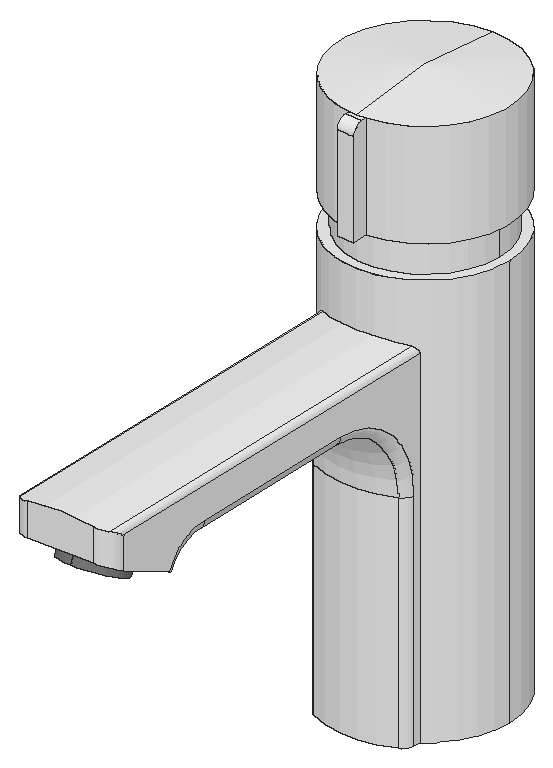
Revit family "PRD_AR_WtrSpplFttngsFrWshBsnsAndTrghs_SelfClosingPillarMixer_F5SM1001,1002,1006,1007", category Plumbing Fixtures, Revit 2018
Family settings
  Round Connector Dimension = Use Diameter
  Part Type = Normal
  OmniClass Number = 23.45.55.14
  OmniClass Title = Single Faucets
  Work Plane-Based = Yes
  Always vertical = Yes
  Cut with Voids When Loaded = No
  Shared = No
  Room Calculation Point = No
Parameters (values of type "F5SM1001 - 0.08 L/s connection via hoses")
  WaterSupplyTemperatureMaximum = "n/a"
  WarrantyStartDate [instance] = "1900-12-31T23:59:59"
  WarrantyGuarantorParts = "n/a"
  WarrantyGuarantorLabor = "n/a"
  WarrantyDurationUnit = "year"
  WarrantyDurationParts = "n/a"
  WarrantyDurationLabor = "n/a"
  WarrantyDescription = "n/a"
  Version = "1"
  Uniclass2015Version = "Products v1.7"
  Uniclass2015Title = "Washbasin taps"
  Uniclass2015Code = "Pr_40_20_87_98"
  URL = "www.kwc.com"
  TypeOfTap = "pillar tap"
  TypeOfOperation = "Manual Operation"
  TypeOfMounting = "Taphole"
  TypeOfMixing = "yes"
  ThirdPartyCertification = "n/a"
  ThermalDisinfection = "no"
  TagNumber [instance] = "n/a"
  SustainabilityPerformance = "n/a"
  Standards = "n/a"
  SpoutProjection = "125.00 mm"
  SoundInsulation = "no"
  Size = "n/a"
  Shape = "n/a"
  SerialNumber [instance] = "n/a"
  Revision = "n/a"
  ReplacementCost = "n/a"
  ProtectiveShutdown = "no"
  ProductInformation = "https://pim.kwc.com/product/2030036163/attachment/datasheet?locale=en"
  OutletMaterial = PRD_AR_SyntheticGrey
  NominalWidth = 0.000 mm
  NominalLength = 0.000 mm
  NominalHeight = 0.000 mm
  NetWeight = 1.66 kg
  Name = "F5 self-closing pillar mixer F5SM1001"
  NBSTypeID = "n/a"
  NBSReference = "45-35-70/371"
  NBSOfficeMasterTag = "n/a"
  NBSNote = "n/a"
  NBSDescription = "Water supply fittings for wash basins and troughs"
  NBSCertification = "n/a"
  ModelReference = "F5SM1001"
  ModelNumber = "2030036163"
  Model = ModelReference  # "F5SM1001"
  MinimumFlowTime = "5.00 seconds"
  MinimumFlowPressure = "0.50 bar"
  MaximumFlowTime = "35.00 seconds"
  MaterialsFinishAndColour = "high-polished chromium-plated brass"
  MaterialsBody = "Brass"
  Material = "Brass"
  ManufacturerURL = "www.kwc.com"
  ManufacturerName = "KWC Group AG"  # constant formula
  Manufacturer = ManufacturerName  # "KWC Group AG"
  IntegralAccessories = "n/a"
  InstallationDate [instance] = "1900-12-31T23:59:59"
  InletSize = "DN 15 (3/8 inch.)"
  IfcExportType = "FAUCET"
  IfcExportAs = "IfcValveType"
  HygieneFlushing = "no"
  GrossWeight = 1.76 kg
  Grade = "n/a"
  Form = "Self-closing"
  FlowRateMaximum = "0.08 L/s at 3 bar"
  FlowHotWater = 0.07 L/s
  FlowColdWater = 0.07 L/s
  Finish = "high-polished chromium-plated brass"
  Features = "n/a"
  FaucetType = "PILLAR"
  FaucetTopDescription = "n/a"
  FaucetOperation = "SELFCLOSING"
  FaucetMaterial = PRD_AR_ChromatedBrass_HighPolished
  FaucetFunction = "MIXED"
  ExpectedLife = "n/a"
  DurationUnit = "year"
  Depressurised = "no"
  Default Elevation = 1219.200 mm
  DiameterNominal = 15 mm
  Description = "F5S-Mix self-closing pillar mixer DN 15 as single-mixer tap for sanitary facilities. FRAMIC self-closing mixing cartridge, hydraulically controlled, low-maintenance and stagnation-free, with ceramic disc technology, self-closing, flow pressure-independent due to medium-separated design. Stepless adjustment of flow duration. With adjustable, turn-proof temperature stop. For connection to hot water and cold water via hoses with integrated backflow preventer and strainers. All-metal construction, high-polished chromium-plated brass. Anti-theft aerator, SLIM design, with integrated flow regulator 5.0 l/min."
  CreateOn = "03/2019"  # constant formula
  Constituents = "n/a"
  Color = "Chrome"
  CodePerformance = "n/a"
  Category = "Pr_40_20_87_98, Washbasin taps"
  BarCode [instance] = "n/a"
  BIMObjectName = "PRD_AR_WaterSupplyFittingsForWashBasinsAndTroughs_SelfClosingPillarMixer_F5SM1001"
  Author = "Archispace"  # constant formula
  AssetType = "Fixed"
  AssetIdentifier [instance] = "n/a"
  AdjustableFlowTime = "yes"
  AccessibilityPerformance = "n/a"
Types (4, lengths in mm): name | ProductInformation | NetWeight | Name | ModelReference | ModelNumber | Model | GrossWeight | FlowRateMaximum | Description | BIMObjectName
  F5SM1001 - 0.08 L/s connection via hoses | "https://pim.kwc.com/product/2030036163/attachment/datasheet?locale=en" | 1.66 kg | "F5 self-closing pillar mixer F5SM1001" | "F5SM1001" | "2030036163" | "F5SM1001" | 1.76 kg | "0.08 L/s at 3 bar" | "F5S-Mix self-closing pillar mixer DN 15 as single-mixer tap for sanitary facilities. FRAMIC self-closing mixing cartridge, hydraulically controlled, low-maintenance and stagnation-free, with ceramic disc technology, self-closing, flow pressure-independent due to medium-separated design. Stepless adjustment of flow duration. With adjustable, turn-proof temperature stop. For connection to hot water and cold water via hoses with integrated backflow preventer and strainers. All-metal construction, high-polished chromium-plated brass. Anti-theft aerator, SLIM design, with integrated flow regulator 5.0 l/min." | "PRD_AR_WaterSupplyFittingsForWashBasinsAndTroughs_SelfClosingPillarMixer_F5SM1001"
  F5SM1006 - 0.05 L/s connection via hoses | "https://pim.kwc.com/product/2030039396/attachment/datasheet?locale=en" | 1.7 kg | "F5 self-closing pillar mixer F5SM1006" | "F5SM1006" | "2030039396" | "F5SM1006" | 1.76 kg | "0.05 L/s at 3 bar" | "F5S-Mix self-closing pillar mixer DN 15 as single-mixer tap for sanitary facilities. FRAMIC self-closing mixing cartridge, hydraulically controlled, low-maintenance and stagnation-free, with ceramic disc technology, self-closing, flow pressure-independent due to medium-separated design. Stepless adjustment of flow duration. With adjustable, turn-proof temperature stop. For connection to hot water and cold water via hoses with integrated backflow preventer and strainers. All-metal construction, high-polished chromium-plated brass. Aerator with integrated flow regulator 3.0 l/min." | "PRD_AR_WaterSupplyFittingsForWashBasinsAndTroughs_SelfClosingPillarMixer_F5SM1006"
  F5SM1002 - 0.08 L/s connection via pipes | "https://pim.kwc.com/product/2030036164/attachment/datasheet?locale=en" | 1.85 kg | "F5 self-closing pillar mixer F5SM1002" | "F5SM1002" | "2030036164" | "F5SM1002" | 1.98 kg | "0.08 L/s at 3 bar" | "F5S-Mix self-closing pillar mixer DN 15 as single-mixer tap for sanitary facilities. FRAMIC self-closing mixing cartridge, hydraulically controlled, low-maintenance and stagnation-free, with ceramic disc technology, self-closing, flow pressure-independent due to medium-separated design. Stepless adjustment of flow duration. With adjustable, turn-proof temperature stop. For connection to hot water and cold water via pipes with integrated backflow preventer and strainers. All-metal construction, high-polished chromium-plated brass. Anti-theft aerator, SLIM design, with integrated flow regulator 5.0 l/min." | "PRD_AR_WaterSupplyFittingsForWashBasinsAndTroughs_SelfClosingPillarMixer_F5SM1002"
  F5SM1007 - 0.05 L/s connection via pipes | "https://pim.kwc.com/product/2030039404/attachment/datasheet?locale=en" | 1.9 kg | "F5 self-closing pillar mixer F5SM1007" | "F5SM1007" | "2030039404" | "F5SM1007" | 2.1 kg | "0.05 L/s at 3 bar" | "F5S-Mix self-closing pillar mixer DN 15 as single-mixer tap for sanitary facilities. FRAMIC self-closing mixing cartridge, hydraulically controlled, low-maintenance and stagnation-free, with ceramic disc technology, self-closing, flow pressure-independent due to medium-separated design. Stepless adjustment of flow duration. With adjustable, turn-proof temperature stop. For connection to hot water and cold water via pipes with integrated backflow preventer and strainers. All-metal construction, high-polished chromium-plated brass. Aerator with integrated flow regulator 3.0 l/min." | "PRD_AR_WaterSupplyFittingsForWashBasinsAndTroughs_SelfClosingPillarMixer_F5SM1007"
Reference planes
  plane 1 "Center (Front/Back)": y = 0
  plane 2: z = 0
  plane 3 "Center (Left/Right)": x = 0
Forms (mm)
  Extrusion 1, solid, material "PRD_AR_ChromatedBrass_HighPolished" <- "FaucetMaterial", detail levels fine
    sketch origin (0, 0, 0) x (1, 0, 0) y (0, 1, 0)
      loop
        circle (0, 0) r 25.7
    from 0 to 125.446
  Extrusion 2, solid, material "PRD_AR_ChromatedBrass_HighPolished" <- "FaucetMaterial", detail levels fine
    sketch origin (0, 0, 0) x (1, 0, 0) y (0, 1, 0)
      loop
        circle (0, 0) r 22.7
    from 125.446 to 135.35
  Revolve 3, solid, material "PRD_AR_ChromatedBrass_HighPolished" <- "FaucetMaterial", detail levels fine
    sketch origin (0, 0, 0) x (0, 1, 0) y (0, 0, 1)
      loop
        line (0, 135.35) -> (25.7, 135.35) -> (25.7, 167.134)
        arc (25.7, 167.134) -> (12.911, 169.019) -> (0, 169.65) r 132.5
        line (0, 169.65) -> (0, 135.35)
      axis (0, 135.35) -> (0, 169.65)
    angle from 0 to 360
  Extrusion 4, solid, material "PRD_AR_ChromatedBrass_HighPolished" <- "FaucetMaterial", detail levels fine
    sketch origin (0, 0, 0) x (0, 1, 0) y (0, 0, 1)
      loop
        line (0, 135.35) -> (0, 167.134) -> (-27.067, 167.134)
        arc (-27.067, 167.134) -> (-29.188, 166.255) -> (-30.067, 164.134) r 3
        line (-30.067, 164.134) -> (-30.067, 135.35) -> (0, 135.35)
    from -2.5 to 2.5
  Extrusion 5, solid, material "PRD_AR_ChromatedBrass_HighPolished" <- "FaucetMaterial", detail levels fine
    sketch origin (0, 0, 0) x (0, 1, 0) y (0, 0, 1)
      loop
        line (-138, 98.301) -> (-110.522, 85.488)
        arc (-110.522, 85.488) -> (-106.913, 88.8) -> (-102.163, 90) r 10
        line (-102.163, 90) -> (-50.9, 90)
        arc (-50.9, 90) -> (-35.344, 83.556) -> (-28.9, 68) r 22
        line (-28.9, 68) -> (-28.9, 0) -> (0, 0) -> (0, 109) -> (-138, 109) -> (-138, 98.301)
    from -15 to 15
  Sweep 6, void
    path origin (0, 0, 0) x (0, 1, 0) y (0, 0, 1)
      loop
        arc (-112.163, 80) -> (-109.234, 87.071) -> (-102.163, 90) r 10
        line (-102.163, 90) -> (-50.9, 90)
        arc (-50.9, 90) -> (-35.344, 83.556) -> (-28.9, 68) r 22
        line (-28.9, 68) -> (-28.9, 0)
    profile origin (0, -28.9, 34) x (1, 0, 0) y (0, 1, 0)
      loop
        line (15, -5) -> (15, 5.94)
        arc (15, 5.94) -> (14.263, 4.095) -> (12.729, 2.832) r 4
        arc (12.729, 2.832) -> (0, 0) -> (-12.729, 2.832) r 30.022
        arc (-12.729, 2.832) -> (-14.263, 4.095) -> (-15, 5.94) r 4
        line (-15, 5.94) -> (-15, -5) -> (15, -5)
  Extrusion 7, void
    sketch origin (0, 0, 0) x (1, 0, 0) y (0, 0, 1)
      loop
        arc (-13.448, 107.473) -> (0, 109) -> (13.448, 107.473) r 60
        arc (13.448, 107.473) -> (14.565, 106.77) -> (15, 105.524) r 2
        line (15, 105.524) -> (15, 110.662) -> (-15, 110.662) -> (-15, 105.524)
        arc (-15, 105.524) -> (-14.565, 106.77) -> (-13.448, 107.473) r 2
    from 0 to 250
  Extrusion 8, void
    sketch origin (0, 0, 0) x (1, 0, 0) y (0, 1, 0)
      loop
        line (-15, -132.909) -> (-15, -138) -> (-9.909, -138)
        arc (-9.909, -138) -> (-13.509, -136.509) -> (-15, -132.909) r 5.091
      loop
        arc (15, -132.909) -> (13.509, -136.509) -> (9.909, -138) r 5.091
        line (9.909, -138) -> (15, -138) -> (15, -132.909)
    from 0 to 250
  Revolve 9, solid, material "PRD_AR_SyntheticGrey" <- "OutletMaterial", detail levels fine
    sketch origin (0, 0, 0) x (0, 1, 0) y (0, 0, 1)
      loop
        line (-132.841, 95.896) -> (-134.321, 92.724) -> (-125.847, 88.772) -> (-124.368, 91.944) -> (-132.841, 95.896)
      axis (-124.368, 91.944) -> (-125.847, 88.772)
    angle from 0 to 360
  Extrusion 10, solid, not visible, detail levels coarse
    sketch origin (0, 0, 0) x (1, 0, 0) y (0, 1, 0)
      loop
        circle (-5.9, 0) r 4.763
      loop
        circle (5.9, 0) r 4.763
    from 0 to 1
  Extrusion 11, solid, material "PRD_AR_ChromatedBrass_HighPolished" <- "FaucetMaterial", detail levels medium
    sketch origin (0, 0, 0) x (1, 0, 0) y (0, 1, 0)
      loop
        circle (0, 0) r 25.7
    from 0 to 169.65
  Extrusion 12, solid, material "PRD_AR_ChromatedBrass_HighPolished" <- "FaucetMaterial", detail levels medium
    sketch origin (0, 0, 0) x (1, 0, 0) y (0, 0, 1)
      loop
        line (-15, 109) -> (-15, 85.488) -> (15, 85.488) -> (15, 109) -> (-15, 109)
    from 0 to 138
  Extrusion 13, solid, material "PRD_AR_ChromatedBrass_HighPolished" <- "FaucetMaterial", detail levels coarse
    sketch origin (0, 0, 0) x (0, 1, 0) y (0, 0, 1)
      loop
        line (-138, 0) -> (25.7, 0) -> (25.7, 169.65) -> (-138, 169.65) -> (-138, 0)
    from -25.7 to 25.7
Cuts and joins
  Sweep 6, Extrusion 7, Extrusion 8 cuts Extrusion 5
  joined: Extrusion 1, Extrusion 2, Revolve 3, Extrusion 4, Extrusion 5
  joined: Extrusion 11, Extrusion 12
Dimensions and locks
  aligned and locked: level to plane 2
Connectors
  piping at (-5.9, 0, 0), diameter 15, driven by "FlowHotWater", driven by "DiameterNominal", driven by "InletSize"
    settings: on Extrusion 10, index 1, connector inside diameter 609.6 mm, connector length 0.000 mm, flow factor 0, pipe flow 0.07 L/s, pressure drop 0.0 Pa, fitting loss kfactor 0, connector angle 0.00°, fixture units 0, engagement length 0.000 mm, angle of deflection 0.00°, flow configuration 1, flow direction 1, fitting loss method 0, system type 19, joint type 0, gender type 0, connector reference index -1, connector utility 0, adjustable connector no, is connector primary yes, connector description "DN 15 (3/8 inch.)"
  piping at (5.9, 0, 0), diameter 15, driven by "FlowColdWater", driven by "DiameterNominal", driven by "InletSize"
    settings: on Extrusion 10, index 2, connector inside diameter 609.6 mm, connector length 0.000 mm, flow factor 0, pipe flow 0.07 L/s, pressure drop 0.0 Pa, fitting loss kfactor 0, connector angle 0.00°, fixture units 0, engagement length 0.000 mm, angle of deflection 0.00°, flow configuration 1, flow direction 1, fitting loss method 0, system type 20, joint type 0, gender type 0, connector reference index -1, connector utility 0, adjustable connector no, is connector primary no, connector description "DN 15 (3/8 inch.)"
